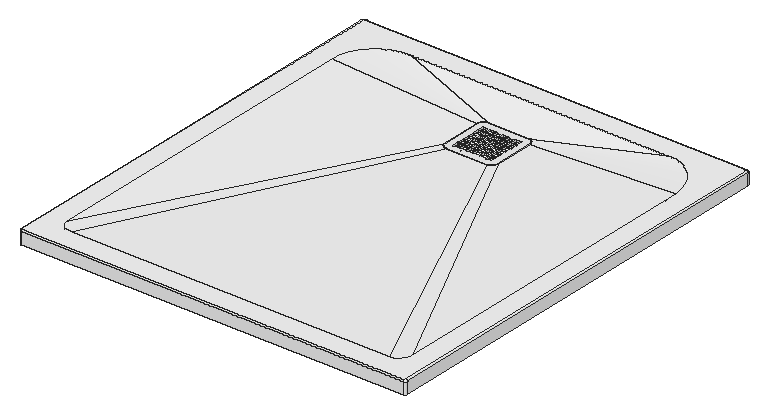
Revit family "IS_UltraFlatS_K8220_BIM_DE", category Plumbing Fixtures, host Face, Revit 2016
Family settings
  Host = Face
  Part Type = Normal
  Round Connector Dimension = Use Diameter
  OmniClass Number = 23.45.05.14.21.11
  OmniClass Title = Bath/Shower Units
  Cut with Voids When Loaded = No
  Shared = No
  Room Calculation Point = No
Parameters (values of type "K8220FR - ULTRAFLAT S PD 100X90 BIANCO")
  WarrantyStartDate = "n/a"
  WarrantyGuarantorParts = "n/a"
  WarrantyGuarantorLabor = "n/a"
  WarrantyDurationUnit = "n/a"
  WarrantyDurationParts = "n/a"
  WarrantyDurationLabor = "n/a"
  WarrantyDescription = "n/a"
  WFU = 0
  VolumeUnits = "Litres"
  Version = "1"
  Uniclass2015Version = "Products v1.1"
  Uniclass2015Title = "Shower trays"
  Uniclass2015Code = "Pr_40_20_06_84"
  URL = "www.idealstandard.de"
  Type Comments = "n/a"
  TagNumber = "n/a"
  SustainabilityPerformance = "n/a"
  Space = "Internal"
  Size = "900 x 1000 x 30 mm"
  Shape = "Rectangular"
  SerialNumber = "n/a"
  ReplacementCost = "n/a"
  ProductInformation = "www.idealstandard.de"
  PredefinedType = "n/a"
  Phone = "+49228 5210"
  NominalWidth = 900 mm
  NominalLength = 1000 mm
  NominalHeight = 30 mm
  NominalDepth = 0 mm
  Name = "ISI_IdealStandard_Showers_Ultra Flat S_K8220FR"
  ModelReference = "IS Rechteck-Brausewanne ULTRA FLAT S, 1000x900x30mm, Carraraweiß"
  ModelNumber = "K8220FR"
  Model = "K8220FR"
  Material = "Sanitary Brass"
  ManufacturerURL = "www.idealstandard.de"
  Manufacturer = "idealstandard.de@idealstandard.com"
  MainMaterial = IS_RenderMaterial_White
  LinearUnits = "millimeters"
  Keynote = ""
  InstallationInstructions = "www.idealstandard.de\\produkte"
  InstallationDate = "1900-12-31T23:59:59"
  Help = "idealstandard.de@idealstandard.com"
  HWFU = 0
  GrossWeight = "32,8 kg"
  Grade = "n/a"
  Finish = "Pure White"
  Features = "ULTRA FLAT S rectangular shower tray 1000x900mm"
  ExpectedLife = "25"
  DurationUnit = "year"
  DistributedBy = "n/a"
  Description = "Ultraflat S Pd 100 x 90 Bianco"
  Default Elevation = 0 mm
  CurrencyUnit = "€"
  CreatedOn = "42774"
  Cost = 0
  Constituents = "n/a"
  ConnectionType = "Plumbing"
  Color = "Pure White"
  CodePerformance = "0"
  CWFU = 0
  Brand = "Ideal Standard"
  BarCode = "4015413067577"
  BIMObjectName = "ISI_IdealStandard_Showers_Ultra Flat S_K8220FR"
  Author = "Ideal Standard"
  AssetType = "Fixed"
  AssetIdentifier = "n/a"
  Assembly Code = "C1030200"
  AreaUnits = "millimeters"
  AreaMeasurement = "n/a"
  Accessories = "www.idealstandard.de\\ersatzteile"
  AccessibilityPerformance = "n/a"
Types (5, lengths in mm): name | Name | ModelReference | ModelNumber | Model | MainMaterial | Finish | Description | Color | BarCode | BIMObjectName
  K8220FR - ULTRAFLAT S PD 100X90 BIANCO | "ISI_IdealStandard_Showers_Ultra Flat S_K8220FR" | "IS Rechteck-Brausewanne ULTRA FLAT S, 1000x900x30mm, Carraraweiß" | "K8220FR" | "K8220FR" | IS_RenderMaterial_White | "Pure White" | "Ultraflat S Pd 100 x 90 Bianco" | "Pure White" | "4015413067577" | "ISI_IdealStandard_Showers_Ultra Flat S_K8220FR"
  K8220FS - ULTRAFLAT S PD 100X90 GRIGIO CEMENTO | "ISI_IdealStandard_Showers_Ultra Flat S_K8220FS" | "IS Rechteck-Brausewanne ULTRA FLAT S, 1000x900x30mm, Quarzgrau" | "K8220FS" | "K8220FS" | IS_RenderMaterial_Grey | "Concrete Grey" | "Ultraflat S Pd 100 x 90 Grigio Cemento" | "Concrete Grey" | "4015413070591" | "ISI_IdealStandard_Showers_Ultra Flat S_K8220FS"
  K8220FT - ULTRAFLAT S PD 100X90 SABBIA | "ISI_IdealStandard_Showers_Ultra Flat S_K8220FT" | "IS Rechteck-Brausewanne ULTRA FLAT S, 1000x900x30mm, Sandstein" | "K8220FT" | "K8220FT" | IS_RenderMaterial_Sand | "Beach Sand" | "Ultraflat S Pd 100 x 90 Sabbia" | "Beach Sand" | "4015413070966" | "ISI_IdealStandard_Showers_Ultra Flat S_K8220FT"
  K8220FV - ULTRAFLAT S PD 100X90 NERO | "ISI_IdealStandard_Showers_Ultra Flat S_K8220FV" | "IS Rechteck-Brausewanne ULTRA FLAT S, 1000x900x30mm, Schiefer" | "K8220FV" | "K8220FV" | IS_RenderMaterial_Black | "Jet Black" | "Ultraflat S Pd 100 x 90 Nero" | "Jet Black" | "4015413071727" | "ISI_IdealStandard_Showers_Ultra Flat S_K8220FV"
  K8220FU - ULTRAFLAT S PD 100X90 MOKA | "ISI_IdealStandard_Showers_Ultra Flat S_K8220FU" | "IS Rechteck-Brausewanne ULTRA FLAT S, 1000x900x30mm, Lavabraun" | "K8220FU" | "K8220FU" | IS_RenderMaterial_Moka | "Deep Moka" | "Ultraflat S Pd 100 x 90 Moka" | "Deep Moka" | "4015413071369" | "ISI_IdealStandard_Showers_Ultra Flat S_K8220FU"
Reference planes
  plane 1 "Center (Front/Back)": y = 0
  plane 2: z = 0
  plane 3 "Center (Left/Right)": x = 0
  plane 4: x = -450
  plane 5: x = 450
  plane 6: y = -1000
  plane 7: y = -950
  plane 8: z = 30
Forms (mm)
  Extrusion 1, solid, material "IS_RenderMaterial_White" <- "MainMaterial"
    sketch origin (0, 0, 0) x (1, 0, 0) y (0, 1, 0)
      loop
        arc (-445, 0) -> (-448.536, -1.464) -> (-450, -5) r 5
        line (-450, -5) -> (-450, -995)
        arc (-450, -995) -> (-448.536, -998.536) -> (-445, -1000) r 5
        line (-445, -1000) -> (445, -1000)
        arc (445, -1000) -> (448.536, -998.536) -> (450, -995) r 5
        line (450, -995) -> (450, -5)
        arc (450, -5) -> (448.536, -1.464) -> (445, 0) r 5
        line (445, 0) -> (-445, 0)
    from 0 to 30
  Blend 2, void
    base sketch origin (0, 39.744, 30) x (-1, 0, 0) y (0, -1, 0)
      loop
        arc (300, 89.744) -> (370.711, 119.033) -> (400, 189.744) r 100
        line (400, 189.744) -> (400, 959.744)
        arc (400, 959.744) -> (391.213, 980.957) -> (370, 989.744) r 30
        line (370, 989.744) -> (-370, 989.744)
        arc (-370, 989.744) -> (-391.213, 980.957) -> (-400, 959.744) r 30
        line (-400, 959.744) -> (-400, 189.744)
        arc (-400, 189.744) -> (-370.711, 119.033) -> (-300, 89.744) r 100
        line (-300, 89.744) -> (300, 89.744)
    top sketch origin (0, 39.744, 30) x (-1, 0, 0) y (0, -1, 0)
      loop
        arc (47.5, 177.244) -> (58.107, 181.637) -> (62.5, 192.244) r 15
        line (62.5, 192.244) -> (62.5, 287.244)
        arc (62.5, 287.244) -> (58.107, 297.85) -> (47.5, 302.244) r 15
        line (47.5, 302.244) -> (-47.5, 302.244)
        arc (-47.5, 302.244) -> (-58.107, 297.85) -> (-62.5, 287.244) r 15
        line (-62.5, 287.244) -> (-62.5, 192.244)
        arc (-62.5, 192.244) -> (-58.107, 181.637) -> (-47.5, 177.244) r 15
        line (-47.5, 177.244) -> (47.5, 177.244)
    from 0 to -15
  Revolve 3, void
    sketch origin (-65.411, -200, 1219.2) x (-1, 0, 0) y (0, 0, 1)
      loop
        line (-65.411, -1219.2) -> (-20.411, -1219.2) -> (-20.411, -1214.2) -> (-13.411, -1207.2) -> (-65.411, -1207.2) -> (-65.411, -1219.2)
      axis (-65.411, -1219.2) -> (-65.411, -1207.2)
    angle from 0 to 360
  Extrusion 4, void
    sketch origin (0, -134.515, 12) x (-1, 0, 0) y (0, 1, 0)
      loop
        arc (-47.5, -2.985) -> (-58.107, -7.379) -> (-62.5, -17.985) r 15
        line (-62.5, -17.985) -> (-62.5, -112.985)
        arc (-62.5, -112.985) -> (-58.107, -123.592) -> (-47.5, -127.985) r 15
        line (-47.5, -127.985) -> (47.5, -127.985)
        arc (47.5, -127.985) -> (58.107, -123.592) -> (62.5, -112.985) r 15
        line (62.5, -112.985) -> (62.5, -17.985)
        arc (62.5, -17.985) -> (58.107, -7.379) -> (47.5, -2.985) r 15
        line (47.5, -2.985) -> (-47.5, -2.985)
    from 0 to -3
  Extrusion 5, solid, material "Chrome - Polished"
    sketch origin (0, -134.515, 12) x (0, 1, 0) y (-1, 0, 0)
      loop
        arc (-4.985, 46.539) -> (-9.074, 56.411) -> (-18.946, 60.5) r 13.961
        line (-18.946, 60.5) -> (-111.985, 60.5)
        arc (-111.985, 60.5) -> (-121.885, 56.399) -> (-125.985, 46.5) r 14
        line (-125.985, 46.5) -> (-125.985, -46.5)
        arc (-125.985, -46.5) -> (-121.885, -56.399) -> (-111.985, -60.5) r 14
        line (-111.985, -60.5) -> (-18.985, -60.5)
        arc (-18.985, -60.5) -> (-9.086, -56.399) -> (-4.985, -46.5) r 14
        line (-4.985, -46.5) -> (-4.985, 46.539)
      loop
        line (-64.007, 45) -> (-64.007, 32) -> (-52.007, 32) -> (-52.007, 45) -> (-64.007, 45)
      loop
        line (-49.007, 45) -> (-49.007, 32) -> (-37.007, 32) -> (-37.007, 45) -> (-49.007, 45)
      loop
        line (-34.007, 45) -> (-34.007, 32) -> (-22.007, 32) -> (-22.007, 45) -> (-34.007, 45)
      loop
        line (-34.007, 29) -> (-34.007, 16) -> (-22.007, 16) -> (-22.007, 29) -> (-34.007, 29)
      loop
        line (-34.007, 13) -> (-34.007, 1.526) -> (-22.007, 1.526) -> (-22.007, 13) -> (-34.007, 13)
      loop
        line (-37.007, 29) -> (-49.007, 29) -> (-49.007, 16) -> (-37.007, 16) -> (-37.007, 29)
      loop
        line (-37.007, 13) -> (-49.007, 13) -> (-49.007, 1.526) -> (-37.007, 1.526) -> (-37.007, 13)
      loop
        line (-52.007, 29) -> (-64.007, 29) -> (-64.007, 16) -> (-52.007, 16) -> (-52.007, 29)
      loop
        line (-52.007, 13) -> (-64.007, 13) -> (-64.007, 1.526) -> (-52.007, 1.526) -> (-52.007, 13)
      loop
        line (-64.007, -45) -> (-52.007, -45) -> (-52.007, -32) -> (-64.007, -32) -> (-64.007, -45)
      loop
        line (-49.007, -45) -> (-37.007, -45) -> (-37.007, -32) -> (-49.007, -32) -> (-49.007, -45)
      loop
        line (-34.007, -45) -> (-22.007, -45) -> (-22.007, -32) -> (-34.007, -32) -> (-34.007, -45)
      loop
        line (-34.007, -29) -> (-22.007, -29) -> (-22.007, -16) -> (-34.007, -16) -> (-34.007, -29)
      loop
        line (-34.007, -13) -> (-22.007, -13) -> (-22.007, -1.526) -> (-34.007, -1.526) -> (-34.007, -13)
      loop
        line (-37.007, -29) -> (-37.007, -16) -> (-49.007, -16) -> (-49.007, -29) -> (-37.007, -29)
      loop
        line (-37.007, -13) -> (-37.007, -1.526) -> (-49.007, -1.526) -> (-49.007, -13) -> (-37.007, -13)
      loop
        line (-52.007, -29) -> (-52.007, -16) -> (-64.007, -16) -> (-64.007, -29) -> (-52.007, -29)
      loop
        line (-52.007, -13) -> (-52.007, -1.526) -> (-64.007, -1.526) -> (-64.007, -13) -> (-52.007, -13)
      loop
        line (-66.963, 45) -> (-78.963, 45) -> (-78.963, 32) -> (-66.963, 32) -> (-66.963, 45)
      loop
        line (-81.963, 45) -> (-93.963, 45) -> (-93.963, 32) -> (-81.963, 32) -> (-81.963, 45)
      loop
        line (-96.963, 45) -> (-108.963, 45) -> (-108.963, 32) -> (-96.963, 32) -> (-96.963, 45)
      loop
        line (-96.963, 29) -> (-108.963, 29) -> (-108.963, 16) -> (-96.963, 16) -> (-96.963, 29)
      loop
        line (-96.963, 13) -> (-108.963, 13) -> (-108.963, 1.526) -> (-96.963, 1.526) -> (-96.963, 13)
      loop
        line (-93.963, 29) -> (-93.963, 16) -> (-81.963, 16) -> (-81.963, 29) -> (-93.963, 29)
      loop
        line (-93.963, 13) -> (-93.963, 1.526) -> (-81.963, 1.526) -> (-81.963, 13) -> (-93.963, 13)
      loop
        line (-78.963, 29) -> (-78.963, 16) -> (-66.963, 16) -> (-66.963, 29) -> (-78.963, 29)
      loop
        line (-78.963, 13) -> (-78.963, 1.526) -> (-66.963, 1.526) -> (-66.963, 13) -> (-78.963, 13)
      loop
        line (-66.963, -45) -> (-66.963, -32) -> (-78.963, -32) -> (-78.963, -45) -> (-66.963, -45)
      loop
        line (-81.963, -45) -> (-81.963, -32) -> (-93.963, -32) -> (-93.963, -45) -> (-81.963, -45)
      loop
        line (-96.963, -45) -> (-96.963, -32) -> (-108.963, -32) -> (-108.963, -45) -> (-96.963, -45)
      loop
        line (-96.963, -29) -> (-96.963, -16) -> (-108.963, -16) -> (-108.963, -29) -> (-96.963, -29)
      loop
        line (-96.963, -13) -> (-96.963, -1.526) -> (-108.963, -1.526) -> (-108.963, -13) -> (-96.963, -13)
      loop
        line (-93.963, -29) -> (-81.963, -29) -> (-81.963, -16) -> (-93.963, -16) -> (-93.963, -29)
      loop
        line (-93.963, -13) -> (-81.963, -13) -> (-81.963, -1.526) -> (-93.963, -1.526) -> (-93.963, -13)
      loop
        line (-78.963, -29) -> (-66.963, -29) -> (-66.963, -16) -> (-78.963, -16) -> (-78.963, -29)
      loop
        line (-78.963, -13) -> (-66.963, -13) -> (-66.963, -1.526) -> (-78.963, -1.526) -> (-78.963, -13)
    from 0 to 3
  Sweep 6, void
    path in 3D
      loop
        arc (445, -1000, 30) -> (448.536, -998.536, 30) -> (450, -995, 30) r 5
        line (450, -995, 30) -> (450, -5, 30)
        arc (450, -5, 30) -> (448.536, -1.464, 30) -> (445, 0, 30) r 5
        line (445, 0, 30) -> (-445, 0, 30)
        arc (-445, 0, 30) -> (-448.536, -1.464, 30) -> (-450, -5, 30) r 5
        line (-450, -5, 30) -> (-450, -995, 30)
        arc (-450, -995, 30) -> (-448.536, -998.536, 30) -> (-445, -1000, 30) r 5
        line (-445, -1000, 30) -> (445, -1000, 30)
    profile origin (0, -1000, 30) x (0, 1, 0) y (0, 0, 1)
      loop
        line (0, 0) -> (0, -3)
        arc (0, -3) -> (0.879, -0.879) -> (3, 0) r 3
        line (3, 0) -> (0, 0)
Cuts and joins
  Blend 2, Revolve 3, Extrusion 4, Sweep 6 cuts Extrusion 1
  Blend 2 cuts Extrusion 5
Lines and regions (mm)
  sketch lines
    curve 1: line (-445, -1000, 30) -> (445, -1000, 30)
    curve 2: arc (450, -995, 30) -> (448.536, -998.536, 30) -> (445, -1000, 30) r 5
    curve 3: line (450, -995, 30) -> (450, -5, 30)
    curve 4: arc (-445, -1000, 30) -> (-448.536, -998.536, 30) -> (-450, -995, 30) r 5
    curve 5: line (-450, -5, 30) -> (-450, -995, 30)
    curve 6: arc (-450, -5, 30) -> (-448.536, -1.464, 30) -> (-445, 0, 30) r 5
    curve 7: line (445, 0, 30) -> (-445, 0, 30)
    curve 8: arc (445, 0, 30) -> (448.536, -1.464, 30) -> (450, -5, 30) r 5
Dimensions and locks
  "NominalLength": plane 1 "Center (Front/Back)" to plane 6
  "NominalWidth": plane 4 to plane 5
  "NominalHeight": level to plane 8
  aligned and locked: plane 2 to host face
  aligned and locked: level to host face
Automatic sketch dimensions
  host sketch curve to host sketch curve = 1571.619 mm
  host sketch curve to host sketch curve = 2017.714 mm
  Extrusion 1 sketch curve to plane 4 = 0 mm
  Extrusion 1 sketch curve to plane 6 = 0 mm
  plane 1 "Center (Front/Back)" to Extrusion 1 sketch curve = 0 mm
  Extrusion 1 sketch curve to plane 5 = 0 mm
  Extrusion 1 sketch curve to plane 4 = 5 mm
  plane 1 "Center (Front/Back)" to Extrusion 1 sketch curve = 5 mm
  Extrusion 1 sketch curve to plane 5 = 5 mm  (x2)
  plane 7 to Blend 2 sketch curve = 0 mm
  plane 7 to Blend 2 sketch curve = 30 mm  (x2)
  Blend 2 sketch curve to plane 5 = 50 mm
  Blend 2 sketch curve to Blend 2 sketch curve = 100 mm
  Blend 2 sketch curve to plane 4 = 150 mm
  Blend 2 sketch curve to plane 4 = 80 mm
  plane 1 "Center (Front/Back)" to Blend 2 sketch curve = 150 mm
  plane 3 "Center (Left/Right)" to Blend 2 sketch curve = 62.5 mm
  Blend 2 sketch curve to Blend 2 sketch curve = 15 mm  (x3)
  Blend 2 sketch curve to plane 3 "Center (Left/Right)" = 47.5 mm  (x2)
  plane 1 "Center (Front/Back)" to Blend 2 sketch curve = 137.5 mm
  Blend 2 sketch curve to Blend 2 sketch curve = 95 mm
  Revolve 3 sketch curve to level = 0 mm
  Revolve 3 sketch curve to plane 3 "Center (Left/Right)" = 0 mm  (x2)
  level to Revolve 3 sketch curve = 5 mm
  Revolve 3 sketch curve to plane 3 "Center (Left/Right)" = 45 mm
  Revolve 3 sketch curve to Revolve 3 sketch curve = 7 mm
  Revolve 3 sketch curve to Revolve 3 sketch curve = 12 mm
  Revolve 3 sketch curve to level = 10 mm
  plane 8 to Revolve 3 sketch curve = 7.813 mm
  plane 3 "Center (Left/Right)" to Extrusion 4 sketch curve = 62.5 mm
  Extrusion 4 sketch curve to Extrusion 4 sketch curve = 15 mm  (x3)
  Extrusion 4 sketch curve to plane 3 "Center (Left/Right)" = 47.5 mm  (x2)
  plane 1 "Center (Front/Back)" to Extrusion 4 sketch curve = 137.5 mm
  Extrusion 4 sketch curve to Extrusion 4 sketch curve = 95 mm
  plane 3 "Center (Left/Right)" to Extrusion 5 sketch curve = 46.5 mm
  plane 1 "Center (Front/Back)" to Extrusion 5 sketch curve = 260.5 mm
  Extrusion 5 sketch curve to Extrusion 5 sketch curve = 14 mm  (x3)
  Extrusion 5 sketch curve to Extrusion 5 sketch curve = 3.022 mm  (x3)
  Extrusion 5 sketch curve to Extrusion 5 sketch curve = 0 mm  (x57)
  plane 3 "Center (Left/Right)" to Extrusion 5 sketch curve = 1.526 mm  (x6)
  Extrusion 5 sketch curve to Extrusion 5 sketch curve = 12 mm  (x18)
  Extrusion 5 sketch curve to Extrusion 5 sketch curve = 3 mm  (x36)
  Extrusion 5 sketch curve to Extrusion 5 sketch curve = 2.956 mm  (x6)
  Extrusion 5 sketch curve to Extrusion 5 sketch curve = 3.061 mm
  Extrusion 5 sketch curve to Extrusion 5 sketch curve = 1.5 mm  (x3)
  Extrusion 5 sketch curve to Extrusion 5 sketch curve = 13 mm  (x9)
  Extrusion 5 sketch curve to plane 3 "Center (Left/Right)" = 1.526 mm  (x6)
  Extrusion 5 sketch curve to Extrusion 5 sketch curve = 11.474 mm  (x2)
  Sweep 6 sketch curve to profile plane = 0 mm  (x2)
  Sweep 6 sketch curve to profile plane = 3 mm
Connectors
  piping at (0, -200, 0), diameter 90
    settings: on cut or joined group of Extrusion 1, Blend 2, Revolve 3, Extrusion 4, Sweep 6, index 1, connector inside diameter 609.6 mm, connector length 0 mm, flow factor 0, pipe flow 0.0 L/s, pressure drop 0.0 Pa, fitting loss kfactor 0, connector angle 0.00°, fixture units 0, engagement length 0 mm, angle of deflection 0.00°, flow configuration 2, flow direction 2, fitting loss method 0, system type 16, joint type 0, gender type 0, connector reference index -1, connector utility 0, adjustable connector no, is connector primary yes, connector description ""
